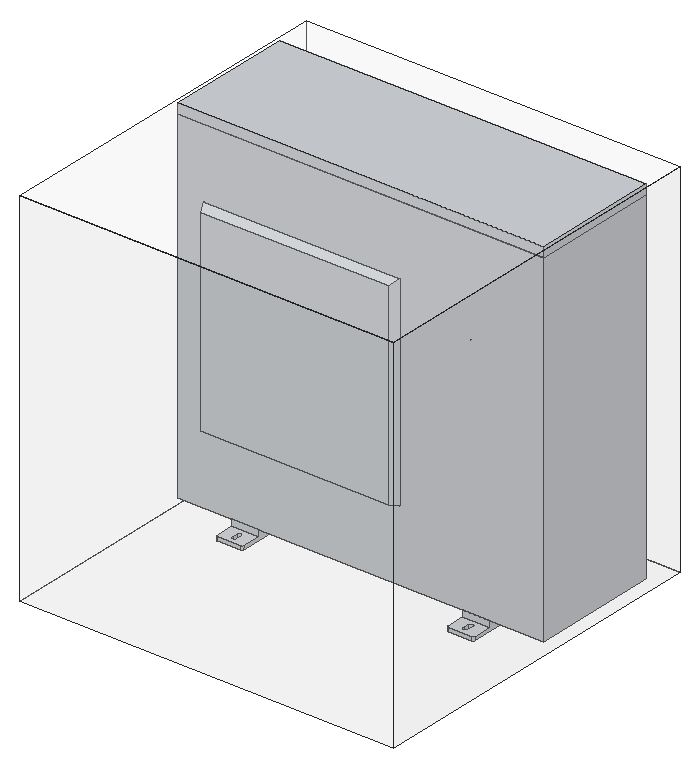
Revit family "puz-zrmp80hka15_280KA5_60hz", category 機械設備, Revit 2019
Family settings
  丸型コネクタ寸法 = 直径を使用
  パーツ タイプ = 標準
  OmniClass 番号 = 23.75.10.24.21.27.27
  OmniClass タイトル = Split System Air Conditioning Units
  作業面ベース = いいえ
  常に垂直 = はい
  ロード時にボイドで切り取り = いいえ
  共有 = いいえ
  部屋計算ポイント = いいえ
Parameters (values of type "室外機_PUZ-ZRMP80SHA15-BSG")
  音響パワーレベル_冷房 (dB) = 66
  音響パワーレベル_暖房 (dB) = 68
  音響パワーレベル(dB) = if([音響パワーレベル_冷房 (dB)] > [音響パワーレベル_暖房 (dB)], [音響パワーレベル_冷房 (dB)], [音響パワーレベル_暖房 (dB)])  # 68
  電源種別 = ""
  電源位置Y = 2 mm
  電源位置Z = 669 mm
  電源位置X = 275 mm
  電圧 = 200 V
  電動機出力_送風機 = 0.06 kW
  電動機出力_圧縮機 = 1.6 kW
  集中コントローラ [instance] = ""
  運転質量 = 0.00 kg
  運転方法 = "冷暖切替"
  質量 = if(製品質量 > 運転質量, 製品質量, 運転質量) * 1.2  # 84.00 kg
  負荷分類 = 1_熱源類
  説明 = "空冷H/P PAC インバータ室外機"
  設計暖房能力 [instance] = 0 kW
  設計冷房能力_顕熱 [instance] = 0 kW
  設計冷房能力 [instance] = 0 kW
  設置方法 = "床置形"
  記号 [instance] = ""
  製造元 = "三菱電機株式会社"
  製品質量 = 70.00 kg
  製品出荷対象 = "国内"
  製品リリース年月 = ""
  製品グループ = ""
  系統 [instance] = ""
  符号 = "PAC"
  積算_科目 = "1 空気調和設備"
  積算_拾い区分 [instance] = ""
  相 = 1
  盤記号 [instance] = ""
  発停方法 = "付属スイッチ"
  特殊仕様 [instance] = ""
  消費電力_暖房 = 2.34 kW
  消費電力_冷房 = 1.98 kW
  消費電力 = if(消費電力_冷房 > 消費電力_暖房, 消費電力_冷房, 消費電力_暖房)  # 2.34 kW
  法定耐用年数 = "6"
  構成品番 = "PUZ-ZRMP80SHA15-BSG"
  極数 = 1
  材質 [instance] = ""
  本体マテリアル = none
  最小電線太さ_mm2 = 3.5
  最大電流値 = 0 A
  暖房能力 = 8 kW
  推奨ブレーカー容量 = 30 A
  据付ピッチ1 = 0 mm
  形式 = "パッケージ形 室外機"
  形名 = PUZ-EZRMP-2 : PUZ-EZRMP-2-2
  幹線記号 [instance] = ""
  始動方式 = "インバータ始動方式"
  呼称 = "パッケージ形空気調和機_室外機"
  周波数 = 60 Hz
  価格 = 0
  ドレン　位置Z = 23 mm
  ドレン　位置Y = 111 mm
  ドレン　位置X = 30 mm
  アンカーボルト位置Y = 370 mm
  アンカーボルト位置X = 600 mm
  参照している仕様書等のバージョン = "公共建築物標準仕様書（機械設備工事編）平成31年度版"
  分類コード = "5.0053E+13"
  分類グループ = ""
  冷房能力 = 7.1 kW
  冷媒管（ガス）位置X = 434 mm
  冷媒管（液）位置X = 377 mm
  冷媒管（液）位置Y = 290 mm
  冷媒管（ガス）位置Y = 229 mm
  冷媒管長 [instance] = 0 mm
  冷媒管径符号 = "Bd"
  冷媒管径 = 100.00 mm
  冷媒管位置Z = 447 mm
  冷媒管位置Y = (冷媒管（液）位置Y + 冷媒管（ガス）位置Y) / 2  # 259.5 mm
  冷媒管位置X = (冷媒管（液）位置X + 冷媒管（ガス）位置X) / 2  # 405.5 mm
  冷媒液管径 = 9.52 mm
  冷媒ガス管径 = 15.88 mm
  企業コード = "108420"
  付属品 [instance] = ""
  仕様書バージョン = "Version1.0"
  ユニット数 = 1
  ユニット3 = yes
  ユニット2 = yes
  Model = ""
  ドレン管径 = 33.00 mm
  サービススペース = yes
  コメント [instance] = ""
  ケーブル種類1 = ""
  【値が 0 の項目は組合せ形名にてご確認ください】 = ""
  Width = 950 mm
  Version = ""
  Uniclass2015Version = "Systems v1.9"
  Uniclass2015Title = "Split coil remote air cooled condensing units"
  Uniclass2015Code = "Pr_70_65_03_84"
  URL = "https://www.mitsubishielectric.co.jp/ldg/wink/ssl/top.do"
  SpecificationReference = ""
  SpecificationDescription = ""
  Revision = ""
  ProductInformation = ""
  OmniClassCode = "23-33 17 13 11"
  IfcTypeProduct = ""
  IfcProduct = ""
  IfcExportType = "AIRCONDITIONINGUNIT"
  IfcExportAs = "IfcUnitaryEquipmentType"
  Height = 943 mm
  Depth = 330 mm
  Clearance Top = 0 mm
  Clearance Right = 10 mm
  Clearance Left = 10 mm
  Clearance Front = 500 mm
  Clearance Bottom = 0 mm
  Clearance Back = 100 mm
  COP_暖房 = 0
  COP_冷房 = 0
  COP = (COP_冷房 + COP_暖房) / 2  # 0
  Author = "三菱電機株式会社"
  APF = 0
Reference planes
  plane 1 "中心(正面/背面)": y = 74
  plane 2: z = 0
  plane 3 "中心(左/右)": x = 830
  plane 4 "右": x = 1305
  plane 5 "左": x = 355
  plane 6 "背面": y = 239
  plane 7 "正面": y = -91
  plane 8 "上部": z = 943
  plane 9 "Clearanse Top": z = 943
  plane 10 "SS_back": y = 339
  plane 11 "SS_front": y = -591
  plane 12 "SS_left": x = 345
  plane 13 "SS_right": x = 1315
  plane 14: z = 0
  plane 15: y = -89
  plane 16: x = 1105
  plane 17: z = 669
  plane 18: y = -87
  plane 19: y = -20.5
  plane 20: x = 1235.5
  plane 21: z = 447
  plane 22: z = 449
  plane 23: y = 128
  plane 24: x = 385
  plane 25: z = 25
  plane 26: z = 23
  plane 27: x = 530
  plane 28: x = 1130
  plane 29: y = 259
  plane 30: y = -111
Forms (mm)
  Extrusion 1, solid, detail levels fine
    sketch origin (0, -91, 0) x (1, 0, 0) y (0, 0, 1)
      loop
        circle (1105, 669) r 13.5
    from -4 to -2
  Extrusion 2, solid, detail levels fine
    sketch origin (-1437.329, -1524, 54) x (-1, 0, 0) y (0, -1, 0)
      loop
        circle (-2672.829, -1503.5) r 50
    from 393 to 395
  Extrusion 3, solid, detail levels fine
    sketch origin (-1437.329, -1524, 54) x (-1, 0, 0) y (0, -1, 0)
      loop
        circle (-1822.329, -1652) r 16.5
    from -31 to -29
Lines and regions (mm)
  model lines, not visible
    curve 1: line (460, 178.667, 1289.179) -> (460, 297.73, 1289.179)
    curve 2: line (460, 178.667, 1056.056) -> (460, 178.667, 1289.179)
    curve 3: line (460, 297.73, 1056.056) -> (460, 178.667, 1056.056)
    curve 4: line (460, 297.73, 1289.179) -> (460, 297.73, 1056.056)
    curve 5: line (460, 47.598, 1289.179) -> (460, 166.661, 1289.179)
    curve 6: line (460, 47.598, 1056.056) -> (460, 47.598, 1289.179)
    curve 7: line (460, 166.661, 1056.056) -> (460, 47.598, 1056.056)
    curve 8: line (460, 166.661, 1289.179) -> (460, 166.661, 1056.056)
    curve 9: line (460, -83.471, 1289.179) -> (460, 35.592, 1289.179)
    curve 10: line (460, -83.471, 1056.056) -> (460, -83.471, 1289.179)
    curve 11: line (460, 35.592, 1056.056) -> (460, -83.471, 1056.056)
    curve 12: line (460, 35.592, 1289.179) -> (460, 35.592, 1056.056)
    curve 13: line (460, -150.779, 1289.179) -> (460, -95.75, 1289.179)
    curve 14: line (460, -150.779, 1056.056) -> (460, -150.779, 1289.179)
    curve 15: line (460, -95.75, 1056.056) -> (460, -150.779, 1056.056)
    curve 16: line (460, -95.75, 1289.179) -> (460, -95.75, 1056.056)
    curve 17: line (460, -150.779, 1283.175) -> (460, -132.596, 1283.175)
    curve 18: line (460, -150.779, 1062.059) -> (460, -150.779, 1283.175)
    curve 19: line (460, -132.596, 1062.059) -> (460, -150.779, 1062.059)
    curve 20: line (460, -132.596, 1283.175) -> (460, -132.596, 1062.059)
    curve 21: line (460, 178.667, 1046.051) -> (460, 297.73, 1046.051)
    curve 22: line (460, 178.667, 812.928) -> (460, 178.667, 1046.051)
    curve 23: line (460, 297.73, 812.928) -> (460, 178.667, 812.928)
    curve 24: line (460, 297.73, 1046.051) -> (460, 297.73, 812.928)
    curve 25: line (460, 47.598, 1046.051) -> (460, 166.661, 1046.051)
    curve 26: line (460, 47.598, 812.928) -> (460, 47.598, 1046.051)
    curve 27: line (460, 166.661, 812.928) -> (460, 47.598, 812.928)
    curve 28: line (460, 166.661, 1046.051) -> (460, 166.661, 812.928)
    curve 29: line (460, -83.471, 1046.051) -> (460, 35.592, 1046.051)
    curve 30: line (460, -83.471, 812.928) -> (460, -83.471, 1046.051)
    curve 31: line (460, 35.592, 812.928) -> (460, -83.471, 812.928)
    curve 32: line (460, 35.592, 1046.051) -> (460, 35.592, 812.928)
    curve 33: line (460, -150.779, 1046.051) -> (460, -95.75, 1046.051)
    curve 34: line (460, -150.779, 812.928) -> (460, -150.779, 1046.051)
    curve 35: line (460, -95.75, 812.928) -> (460, -150.779, 812.928)
    curve 36: line (460, -95.75, 1046.051) -> (460, -95.75, 812.928)
    curve 37: line (460, -150.779, 1040.048) -> (460, -132.596, 1040.048)
    curve 38: line (460, -150.779, 818.931) -> (460, -150.779, 1040.048)
    curve 39: line (460, -132.596, 818.931) -> (460, -150.779, 818.931)
    curve 40: line (460, -132.596, 1040.048) -> (460, -132.596, 818.931)
    curve 41: line (460, 178.667, 802.923) -> (460, 297.73, 802.923)
    curve 42: line (460, 178.667, 569.8) -> (460, 178.667, 802.923)
    curve 43: line (460, 297.73, 569.8) -> (460, 178.667, 569.8)
    curve 44: line (460, 297.73, 802.923) -> (460, 297.73, 569.8)
    curve 45: line (460, 47.598, 802.923) -> (460, 166.661, 802.923)
    curve 46: line (460, 47.598, 569.8) -> (460, 47.598, 802.923)
    curve 47: line (460, 166.661, 569.8) -> (460, 47.598, 569.8)
    curve 48: line (460, 166.661, 802.923) -> (460, 166.661, 569.8)
    curve 49: line (460, -83.471, 802.923) -> (460, 35.592, 802.923)
    curve 50: line (460, -83.471, 569.8) -> (460, -83.471, 802.923)
    curve 51: line (460, 35.592, 569.8) -> (460, -83.471, 569.8)
    curve 52: line (460, 35.592, 802.923) -> (460, 35.592, 569.8)
    curve 53: line (460, -150.779, 802.923) -> (460, -95.75, 802.923)
    curve 54: line (460, -150.779, 569.8) -> (460, -150.779, 802.923)
    curve 55: line (460, -95.75, 569.8) -> (460, -150.779, 569.8)
    curve 56: line (460, -95.75, 802.923) -> (460, -95.75, 569.8)
    curve 57: line (460, -150.779, 796.92) -> (460, -132.596, 796.92)
    curve 58: line (460, -150.779, 575.803) -> (460, -150.779, 796.92)
    curve 59: line (460, -132.596, 575.803) -> (460, -150.779, 575.803)
    curve 60: line (460, -132.596, 796.92) -> (460, -132.596, 575.803)
    curve 61: line (460, 178.667, 559.795) -> (460, 297.73, 559.795)
    curve 62: line (460, 178.667, 326.672) -> (460, 178.667, 559.795)
    curve 63: line (460, 297.73, 326.672) -> (460, 178.667, 326.672)
    curve 64: line (460, 297.73, 559.795) -> (460, 297.73, 326.672)
    curve 65: line (460, 47.598, 559.795) -> (460, 166.661, 559.795)
    curve 66: line (460, 47.598, 326.672) -> (460, 47.598, 559.795)
    curve 67: line (460, 166.661, 326.672) -> (460, 47.598, 326.672)
    curve 68: line (460, 166.661, 559.795) -> (460, 166.661, 326.672)
    curve 69: line (460, -83.471, 559.795) -> (460, 35.592, 559.795)
    curve 70: line (460, -83.471, 326.672) -> (460, -83.471, 559.795)
    curve 71: line (460, 35.592, 326.672) -> (460, -83.471, 326.672)
    curve 72: line (460, 35.592, 559.795) -> (460, 35.592, 326.672)
    curve 73: line (460, -150.779, 559.795) -> (460, -95.75, 559.795)
    curve 74: line (460, -150.779, 326.672) -> (460, -150.779, 559.795)
    curve 75: line (460, -95.75, 326.672) -> (460, -150.779, 326.672)
    curve 76: line (460, -95.75, 559.795) -> (460, -95.75, 326.672)
    curve 77: line (460, -150.779, 553.792) -> (460, -132.596, 553.792)
    curve 78: line (460, -150.779, 332.675) -> (460, -150.779, 553.792)
    curve 79: line (460, -132.596, 332.675) -> (460, -150.779, 332.675)
    curve 80: line (460, -132.596, 553.792) -> (460, -132.596, 332.675)
    curve 81: line (460, 178.667, 316.667) -> (460, 297.73, 316.667)
    curve 82: line (460, 178.667, 83.544) -> (460, 178.667, 316.667)
    curve 83: line (460, 297.73, 83.544) -> (460, 178.667, 83.544)
    curve 84: line (460, 297.73, 316.667) -> (460, 297.73, 83.544)
    curve 85: line (460, 47.598, 316.667) -> (460, 166.661, 316.667)
    curve 86: line (460, 47.598, 83.544) -> (460, 47.598, 316.667)
    curve 87: line (460, 166.661, 83.544) -> (460, 47.598, 83.544)
    curve 88: line (460, 166.661, 316.667) -> (460, 166.661, 83.544)
    curve 89: line (460, -83.471, 316.667) -> (460, 35.592, 316.667)
    curve 90: line (460, -83.471, 83.544) -> (460, -83.471, 316.667)
    curve 91: line (460, 35.592, 83.544) -> (460, -83.471, 83.544)
    curve 92: line (460, 35.592, 316.667) -> (460, 35.592, 83.544)
    curve 93: line (460, -150.779, 316.667) -> (460, -95.75, 316.667)
    curve 94: line (460, -150.779, 83.544) -> (460, -150.779, 316.667)
    curve 95: line (460, -95.75, 83.544) -> (460, -150.779, 83.544)
    curve 96: line (460, -95.75, 316.667) -> (460, -95.75, 83.544)
    curve 97: line (460, -150.779, 310.664) -> (460, -132.596, 310.664)
    curve 98: line (460, -150.779, 89.547) -> (460, -150.779, 310.664)
    curve 99: line (460, -132.596, 89.547) -> (460, -150.779, 89.547)
    curve 100: line (460, -132.596, 310.664) -> (460, -132.596, 89.547)
Dimensions and locks
  equal spacing: plane 7 "正面", plane 1 "中心(正面/背面)", plane 6 "背面"
  "Depth": plane 7 "正面" to plane 6 "背面"
  "Width": plane 5 "左" to plane 4 "右"
  equal spacing: plane 5 "左", plane 3 "中心(左/右)", plane 4 "右"
  "Clearance Left": plane 12 "SS_left" to plane 5 "左"
  "Clearance Right": plane 4 "右" to plane 13 "SS_right"
  "Clearance Back": plane 6 "背面" to plane 10 "SS_back"
  "Clearance Front": plane 11 "SS_front" to plane 7 "正面"
  "Height": plane 8 "上部" to level
  "Clearance Top": plane 9 "Clearanse Top" to plane 8 "上部"
  "Clearance Bottom": level to plane 14
  "電源位置X": plane 3 "中心(左/右)" to plane 16
  "電源位置Y": plane 7 "正面" to plane 15
  "電源位置Z": plane 17 to level
  locked: plane 15 to plane 18 at 2
  "冷媒管位置X": plane 3 "中心(左/右)" to plane 20
  "冷媒管位置Y": plane 19 to plane 6 "背面"
  "冷媒管位置Z": plane 21 to level
  locked: plane 22 to plane 21 at 2
  "ドレン　位置X": plane 5 "左" to plane 24
  "ドレン　位置Y": plane 23 to plane 6 "背面"
  locked: plane 25 to plane 26 at 2
  "ドレン　位置Z": plane 26 to level
  equal spacing: plane 30, plane 1 "中心(正面/背面)", plane 29
  "アンカーボルト位置Y": plane 30 to plane 29
  equal spacing: plane 27, plane 3 "中心(左/右)", plane 28
  "アンカーボルト位置X": plane 27 to plane 28
  radius of Extrusion 1 sketch curve = 13.5 mm
  "冷媒管径": diameter of Extrusion 2 sketch curve
  "ドレン管径": diameter of Extrusion 3 sketch curve
  aligned and locked: level to plane 2
  aligned and locked: plane 10 "SS_back" to nested 1  (x2)
  aligned and locked: plane 13 "SS_right" to nested 1
  aligned and locked: plane 12 "SS_left" to nested 1  (x2)
  aligned and locked: nested 1 to plane 13 "SS_right"
  aligned and locked: plane 11 "SS_front" to nested 1
  aligned and locked: plane 9 "Clearanse Top" to nested 1
  aligned and locked: plane 1 "中心(正面/背面)" to nested 2
  aligned and locked: plane 3 "中心(左/右)" to nested 2
  aligned and locked: plane 14 to nested 1
  aligned and locked: plane 17 to Extrusion 1 sketch curve
  aligned and locked: plane 16 to Extrusion 1 sketch curve
  aligned and locked: Extrusion 1 to plane 18
  aligned and locked: plane 15 to Extrusion 1
  aligned and locked: plane 19 to Extrusion 2 sketch curve
  aligned and locked: plane 20 to Extrusion 2 sketch curve
  aligned and locked: plane 22 to Extrusion 2
  aligned and locked: Extrusion 2 to plane 21
  aligned and locked: plane 24 to Extrusion 3 sketch curve
  aligned and locked: plane 23 to Extrusion 3 sketch curve
  aligned and locked: plane 25 to Extrusion 3
  aligned and locked: Extrusion 3 to plane 26
  aligned and locked: plane 27 to nested 3
  aligned and locked: plane 29 to nested 3
Nested families
  nested 1: "サービススペース" at (830, -126, 471.5), visible <- "サービススペース", type "サービススペース"
    with Width 970 mm, Height 943 mm, Depth 930 mm
  nested 2: "PUZ-EZRMP-2" at (830, 74, 0), type <- "形名", type "PUZ-EZRMP-2-2", detail levels fine
    with 冷媒ガス管径-Y 269 mm
  nested 3: "固定点" at (530, -111, 0), type "固定点"
    with W 600 mm, D 370 mm
Connectors
  piping at (1235.5, -20.5, 447), diameter 100, driven by "冷媒管径", driven by "冷媒管径符号"
    settings: on Extrusion 2, index 1, connector inside diameter 609.60 mm, connector length 0 mm, flow factor 0, pipe flow 0.0 L/s, pressure drop 0.0 Pa, fitting loss kfactor 0, connector angle 0.00°, fixture units 0, engagement length 0 mm, angle of deflection 0.00°, flow configuration 1, flow direction 2, fitting loss method 4, system type 7, joint type 0, gender type 0, connector reference index -1, connector utility 0, adjustable connector no, is connector primary yes, connector description "Bd"
  electrical at (1105, -89, 669), driven by "極数", driven by "負荷分類", driven by "電圧", driven by "消費電力"
    settings: on Extrusion 1, index 2, voltage 200 V, apparent load 2340 VA, apparent load phase1 0 VA, apparent load phase2 0 VA, apparent load phase3 0 VA, power factor 1, load classification "1_熱源類", number of poles 1, system type 30, power factor state 1, is connector primary yes, connector utility no, sub classification motor no, connector description ""
Definition of nested family "サービススペース"
  Parameters (values of type "サービススペース")
    Width [instance] = 500 mm
    Height [instance] = 500 mm
    Depth [instance] = 500 mm
  Reference planes
    plane 1 "中心(正面/背面)": y = 0
    plane 2: z = 0
    plane 3 "中心(左/右)": x = 0
    plane 4: y = -250
    plane 5: x = 250
    plane 6: y = 250
    plane 7: x = -250
    plane 8: z = 250
    plane 9: z = -250
  Forms (mm)
    Extrusion 1, solid
      sketch origin (-638.939, 0, 72.39) x (1, 0, 0) y (0, 1, 0)
        loop
          line (388.939, 250) -> (388.939, -250) -> (888.939, -250) -> (888.939, 250) -> (388.939, 250)
      from -322.39 to 177.61
  Lines and regions (mm)
    symbolic lines
      curve 1: line (-250, 0, 250) -> (250, 0, 250)
      curve 2: line (-250, 0, -250) -> (-250, 0, 250)
      curve 3: line (250, 0, -250) -> (-250, 0, -250)
      curve 4: line (250, 0, 250) -> (250, 0, -250)
      curve 5: line (0, -250, 250) -> (0, 250, 250)
      curve 6: line (0, -250, -250) -> (0, -250, 250)
      curve 7: line (0, 250, -250) -> (0, -250, -250)
      curve 8: line (0, 250, 250) -> (0, 250, -250)
      curve 9: line (-250, 250, 0) -> (250, 250, 0)
      curve 10: line (-250, -250, 0) -> (-250, 250, 0)
      curve 11: line (250, -250, 0) -> (-250, -250, 0)
      curve 12: line (250, 250, 0) -> (250, -250, 0)
  Dimensions and locks
    equal spacing: plane 7, plane 3 "中心(左/右)", plane 5
    equal spacing: plane 4, plane 1 "中心(正面/背面)", plane 6
    "Depth": plane 4 to plane 6
    "Width": plane 7 to plane 5
    equal spacing: plane 8, plane 2, plane 9
    "Height": plane 8 to plane 9
    aligned and locked: plane 9 to curve 3
    aligned and locked: plane 7 to curve 2
    aligned and locked: curve 4 to plane 5
    aligned and locked: plane 5 to Extrusion 1
    aligned and locked: Extrusion 1 to plane 7
    aligned and locked: Extrusion 1 to plane 9
    aligned and locked: plane 8 to Extrusion 1
    aligned and locked: plane 9 to curve 7
  Automatic sketch dimensions
    plane 4 to Extrusion 1 sketch curve = 0 mm
    Extrusion 1 sketch curve to plane 7 = 0 mm
    Extrusion 1 sketch curve to plane 5 = 0 mm
    plane 6 to Extrusion 1 sketch curve = 0 mm
    curve 2 to plane 8 = 0 mm
    plane 4 to curve 11 = 0 mm
    curve 11 to plane 7 = 0 mm
    curve 11 to plane 5 = 0 mm
    plane 6 to curve 10 = 0 mm
    curve 7 to plane 4 = 0 mm
    curve 7 to plane 6 = 0 mm
    curve 6 to plane 8 = 0 mm
Definition of nested family "PUZ-EZRMP-2"
  Parameters (values of type "PUZ-ZRMP-2")
    配線取出口サイズ = 27 mm
    配線取出口-Z = 669 mm
    配線取出口-Y = 325 mm
    配線取出口-X = 275 mm
    液配管サイズ = 100 mm
    高さ = 943 mm
    換気-W = 322 mm
    換気-H2 = 632 mm
    換気-H1 = 473 mm
    換気-D = 25 mm
    奥行き = 330 mm
    吊りボルト_H = 0 mm
    吊りボルト-φ = 12 mm
    冷媒配管サイズ = 9.52 mm
    冷媒液管径-Z = 447 mm
    冷媒液管径-Y = 290 mm
    冷媒液管径-X = 377 mm
    冷媒ガス管径-Z = 431 mm
    冷媒ガス管径-Y = 229 mm
    冷媒ガス管径-X = 434 mm
    吊りボルト-W = 600 mm
    マテリアル = none
    ドレン配管サイズ = 33 mm
    ドレン管径-Z = 0 mm
    ドレン管径-Y = 219 mm
    ドレン管径-X = 445 mm
    タイプ3 = no
    タイプ2 = yes
    タイプ1 = no
    ガス配管サイズ = 15.88 mm
    吊りボルト-D = 370 mm
    幅さ = 950 mm
    a = 幅さ / 2  # 475 mm
  Reference planes
    plane 1 "中心(正面/背面)": y = 0
    plane 2: z = 0
    plane 3 "中心(左/右)": x = 0
    plane 4: z = 943
    plane 5: x = -475
    plane 6: x = 475
    plane 7: y = 165
    plane 8: y = -165
    plane 9: x = 537
    plane 10: y = -105
    plane 11: y = 5
    plane 12: z = 918
    plane 13: x = -495
    plane 14: x = -300
    plane 15: x = 300
    plane 16: y = 185
    plane 17: y = -185
    plane 18: x = 335
    plane 19: x = 265
    plane 20: x = -265
    plane 21: x = -335
    plane 22: y = 204
    plane 23: y = -218
    plane 24: z = 8.5
    plane 25: z = 25
    plane 26: z = 23
    plane 27: x = -185
    plane 28: x = 170
    plane 29: z = 938
    plane 30: y = -40
    plane 31: y = 40
    plane 32: y = -30
    plane 33: y = 30
    plane 34: z = 923
    plane 35: z = 55
    plane 36: z = 225
    plane 37: z = 570
    plane 38: x = 485
    plane 39: x = 506
    plane 40: y = -190
    plane 41: x = -153
    plane 42: z = 473
    plane 43: x = 101
    plane 44: x = -407
    plane 45: z = 737
    plane 46: z = 209
    plane 47: x = -397
    plane 48: x = 91
    plane 49: z = 727
    plane 50: z = 219
    plane 51: y = 115
    plane 52: y = -115
    plane 53: y = 54
    plane 54: x = 434
    plane 55: x = 275
    plane 56: y = -160
    plane 57: y = -125
    plane 58: y = -64
    plane 59: x = 377
    plane 60: z = 431
    plane 61: z = 447
    plane 62: z = 669
    plane 63: y = -110
    plane 64: z = 531
    plane 65: z = 547
    plane 66: x = 405.5
    plane 67: y = -94.5
    plane 68 "グループ": x = -475
    plane 69: z = 1338
    plane 70: z = 943
    plane 71: z = 1105
    plane 72: z = 1369
    plane 73: z = 841
    plane 74: z = 1359
    plane 75: z = 851
    plane 76: x = -445
    plane 77: y = 135
    plane 78: x = -225
    plane 79: x = -80
    plane 80: x = 65
    plane 81: x = 210
  Forms (mm)
    Extrusion 1, solid, visible <- "タイプ2", detail levels fine
      sketch origin (-1437.329, -1524, 943) x (-1, 0, 0) y (0, -1, 0)
        loop
          line (-1102.329, -1689) -> (-1102.329, -1359) -> (-1172.329, -1359) -> (-1172.329, -1689) -> (-1102.329, -1689)
        loop
          line (-1702.329, -1689) -> (-1702.329, -1359) -> (-1772.329, -1359) -> (-1772.329, -1689) -> (-1702.329, -1689)
      from -943 to -918
    Extrusion 2, solid, material <- "マテリアル", visible <- "タイプ2", detail levels fine
      sketch origin (-1437.329, -1524, 943) x (-1, 0, 0) y (0, -1, 0)
        loop
          line (-1912.329, -1689) -> (-962.329, -1689) -> (-962.329, -1359) -> (-1912.329, -1359) -> (-1912.329, -1689)
      from -918 to -25
    Extrusion 3, solid, material <- "マテリアル", visible <- "タイプ2", detail levels fine
      sketch origin (-1437.329, -1524, 943) x (-1, 0, 0) y (0, -1, 0)
        loop
          line (-962.329, -1689) -> (-962.329, -1359) -> (-1912.329, -1359) -> (-1912.329, -1689) -> (-962.329, -1689)
      from -25 to 0
    Blend 4, solid, material <- "マテリアル", visible <- "タイプ2", detail levels fine
      base sketch origin (0, 0, 0) x (1, 0, 0) y (0, 0, 1)
        loop
          line (-407, 737) -> (-407, 209) -> (101, 209) -> (101, 737) -> (-407, 737)
      top sketch origin (0, 0, 0) x (1, 0, 0) y (0, 0, 1)
        loop
          line (-397, 727) -> (-397, 219) -> (91, 219) -> (91, 727) -> (-397, 727)
      from 165 to 190
    Extrusion 5, solid, material <- "マテリアル", visible <- "タイプ2", detail levels fine
      sketch origin (-1437.329, -1524, 943) x (-1, 0, 0) y (0, -1, 0)
        loop
          circle (-1871.329, -1460) r 7.94
      from -512 to -412
    Extrusion 6, solid, material <- "マテリアル", visible <- "タイプ2", detail levels fine
      sketch origin (-1437.329, -1524, 943) x (-1, 0, 0) y (0, -1, 0)
        loop
          circle (-1814.329, -1399) r 4.76
      from -496 to -396
    Extrusion 7, solid, material <- "マテリアル", visible <- "タイプ2", detail levels fine
      sketch origin (1480.036, -190, 1200) x (1, 0, 0) y (0, 0, 1)
        loop
          circle (-1205.036, -531) r 13.5
      from -80 to -30
    Extrusion 8, solid, material <- "マテリアル", visible <- "タイプ2", detail levels fine
      sketch origin (-1437.329, -1524, 943) x (-1, 0, 0) y (0, -1, 0)
        loop
          circle (-1842.829, -1429.5) r 50
      from -496 to -396
    Extrusion 9, solid, visible <- "タイプ2", detail levels fine
      sketch origin (-1437.329, -1524, 943) x (-1, 0, 0) y (0, -1, 0)
        loop
          line (-1102.329, -1728) -> (-1102.329, -1689) -> (-1172.329, -1689) -> (-1172.329, -1728) -> (-1143.329, -1728) -> (-1143.329, -1709)
          arc (-1143.329, -1709) -> (-1137.329, -1703) -> (-1131.329, -1709) r 6
          line (-1131.329, -1709) -> (-1131.329, -1728) -> (-1102.329, -1728)
        loop
          line (-1102.329, -1359) -> (-1102.329, -1311)
          arc (-1102.329, -1311) -> (-1103.794, -1307.464) -> (-1107.329, -1306) r 5
          line (-1107.329, -1306) -> (-1167.329, -1306)
          arc (-1167.329, -1306) -> (-1170.865, -1307.464) -> (-1172.329, -1311) r 5
          line (-1172.329, -1311) -> (-1172.329, -1359) -> (-1102.329, -1359)
        loop
          arc (-1143.329, -1339) -> (-1137.329, -1345) -> (-1131.329, -1339) r 6
          line (-1131.329, -1339) -> (-1131.329, -1324)
          arc (-1131.329, -1324) -> (-1137.329, -1318) -> (-1143.329, -1324) r 6
          line (-1143.329, -1324) -> (-1143.329, -1339)
        loop
          line (-1772.329, -1728) -> (-1743.329, -1728) -> (-1743.329, -1709)
          arc (-1743.329, -1709) -> (-1737.329, -1703) -> (-1731.329, -1709) r 6
          line (-1731.329, -1709) -> (-1731.329, -1728) -> (-1702.329, -1728) -> (-1702.329, -1689) -> (-1772.329, -1689) -> (-1772.329, -1728)
        loop
          line (-1772.329, -1359) -> (-1702.329, -1359) -> (-1702.329, -1311)
          arc (-1702.329, -1311) -> (-1703.794, -1307.464) -> (-1707.329, -1306) r 5
          line (-1707.329, -1306) -> (-1767.329, -1306)
          arc (-1767.329, -1306) -> (-1770.865, -1307.464) -> (-1772.329, -1311) r 5
          line (-1772.329, -1311) -> (-1772.329, -1359)
        loop
          line (-1731.329, -1339) -> (-1731.329, -1324)
          arc (-1731.329, -1324) -> (-1737.329, -1318) -> (-1743.329, -1324) r 6
          line (-1743.329, -1324) -> (-1743.329, -1339)
          arc (-1743.329, -1339) -> (-1737.329, -1345) -> (-1731.329, -1339) r 6
      from -943 to -934.5
    Extrusion 10, solid, material <- "マテリアル", visible <- "タイプ2", detail levels fine
      sketch origin (-1437.329, -1524, 943) x (-1, 0, 0) y (0, -1, 0)
        loop
          circle (-992.329, -1578) r 16.5
        loop
          circle (-1212.329, -1659) r 16.5
        loop
          circle (-1357.329, -1659) r 16.5
        loop
          circle (-1502.329, -1659) r 16.5
        loop
          circle (-1647.329, -1659) r 16.5
      from -920 to -918
  Cuts and joins
    joined: Extrusion 1, Extrusion 9
  Lines and regions (mm)
    Masking region 1, visible <- "タイプ2", detail levels coarse+medium
      outline origin (-1437.329, -1524, 943) x (-1, 0, 0) y (0, -1, 0)
        loop
          line (-1912.329, -1689) -> (-1772.329, -1689) -> (-1772.329, -1728) -> (-1702.329, -1728) -> (-1702.329, -1689) -> (-1172.329, -1689) -> (-1172.329, -1728) -> (-1102.329, -1728) -> (-1102.329, -1689) -> (-962.329, -1689) -> (-962.329, -1359) -> (-1030.329, -1359) -> (-1040.329, -1334) -> (-1102.329, -1334) -> (-1102.329, -1306) -> (-1172.329, -1306) -> (-1172.329, -1334) -> (-1528.329, -1334) -> (-1538.329, -1359) -> (-1702.329, -1359) -> (-1702.329, -1306) -> (-1772.329, -1306) -> (-1772.329, -1359) -> (-1912.329, -1359) -> (-1912.329, -1689)
    model lines, visible <- "タイプ2", detail levels fine
      curve 1: line (395, 115, 943) -> (-395, 115, 943)
      curve 2: line (-395, -115, 943) -> (395, -115, 943)
      curve 3: line (-395, -45, 943) -> (395, -45, 943)
      curve 4: line (395, 45, 943) -> (-395, 45, 943)
      curve 5: line (-395, -35, 943) -> (395, -35, 943)
      curve 6: line (395, 35, 943) -> (-395, 35, 943)
      curve 7: line (-395, 115, 943) -> (-395, 45, 943)
      curve 8: line (395, -115, 943) -> (395, -45, 943)
      curve 9: line (-395, 35, 943) -> (-395, -35, 943)
      curve 10: line (-395, -45, 943) -> (-395, -115, 943)
      curve 11: line (395, -35, 943) -> (395, 35, 943)
      curve 12: line (395, 45, 943) -> (395, 115, 943)
      curve 13: line (425, -115, 943) -> (425, 115, 943)
      curve 14: line (410, -115, 943) -> (410, 115, 943)
      curve 15: line (-425, 115, 943) -> (-425, -115, 943)
      curve 16: line (-410, 115, 943) -> (-410, -115, 943)
      curve 17: line (-410, 115, 943) -> (-425, 115, 943)
      curve 18: line (-410, -115, 943) -> (-425, -115, 943)
      curve 19: line (410, 115, 943) -> (425, 115, 943)
      curve 20: line (410, -115, 943) -> (425, -115, 943)
      curve 21: line (-397, -190, 520.5) -> (91, -190, 520.5)
      curve 22: line (91, -190, 425.5) -> (-397, -190, 425.5)
      curve 23: line (-397, -190, 615.5) -> (91, -190, 615.5)
      curve 24: line (-397, -190, 710.5) -> (91, -190, 710.5)
      curve 25: line (91, -190, 330.5) -> (-397, -190, 330.5)
      curve 26: line (91, -190, 235.5) -> (-397, -190, 235.5)
      curve 27: line (-379.571, -190, 727) -> (-379.571, -190, 219)
      curve 28: line (73.571, -190, 219) -> (73.571, -190, 727)
      curve 29: line (-362.143, -190, 727) -> (-362.143, -190, 219)
      curve 30: line (-344.714, -190, 727) -> (-344.714, -190, 219)
      curve 31: line (-327.286, -190, 727) -> (-327.286, -190, 219)
      curve 32: line (-309.857, -190, 727) -> (-309.857, -190, 219)
      curve 33: line (-292.429, -190, 727) -> (-292.429, -190, 219)
      curve 34: line (-275, -190, 727) -> (-275, -190, 219)
      curve 35: line (-257.571, -190, 727) -> (-257.571, -190, 219)
      curve 36: line (-240.143, -190, 727) -> (-240.143, -190, 219)
      curve 37: line (-222.714, -190, 727) -> (-222.714, -190, 219)
      curve 38: line (-205.286, -190, 727) -> (-205.286, -190, 219)
      curve 39: line (-187.857, -190, 727) -> (-187.857, -190, 219)
      curve 40: line (-170.429, -190, 727) -> (-170.429, -190, 219)
      curve 41: line (-153, -190, 727) -> (-153, -190, 219)
      curve 42: line (-135.571, -190, 727) -> (-135.571, -190, 219)
      curve 43: line (-118.143, -190, 727) -> (-118.143, -190, 219)
      curve 44: line (-100.714, -190, 727) -> (-100.714, -190, 219)
      curve 45: line (-83.286, -190, 727) -> (-83.286, -190, 219)
      curve 46: line (-65.857, -190, 727) -> (-65.857, -190, 219)
      curve 47: line (-48.429, -190, 727) -> (-48.429, -190, 219)
      curve 48: line (-31, -190, 727) -> (-31, -190, 219)
      curve 49: line (-13.571, -190, 727) -> (-13.571, -190, 219)
      curve 50: line (3.857, -190, 727) -> (3.857, -190, 219)
      curve 51: line (21.286, -190, 727) -> (21.286, -190, 219)
      curve 52: line (38.714, -190, 727) -> (38.714, -190, 219)
      curve 53: line (56.143, -190, 727) -> (56.143, -190, 219)
      curve 54: line (-475, -100, 33.5) -> (-475, -60, 33.5)
      curve 55: line (-475, -100, 73.5) -> (-475, -100, 33.5)
      curve 56: line (-475, -60, 73.5) -> (-475, -100, 73.5)
      curve 57: line (-475, -60, 33.5) -> (-475, -60, 73.5)
      curve 58: line (-475, 60, 33.5) -> (-475, 100, 33.5)
      curve 59: line (-475, 60, 73.5) -> (-475, 60, 33.5)
      curve 60: line (-475, 100, 73.5) -> (-475, 60, 73.5)
      curve 61: line (-475, 100, 33.5) -> (-475, 100, 73.5)
      curve 62: line (-475, -46.667, 33.5) -> (-475, -6.667, 33.5)
      curve 63: line (-475, -46.667, 73.5) -> (-475, -46.667, 33.5)
      curve 64: line (-475, -6.667, 73.5) -> (-475, -46.667, 73.5)
      curve 65: line (-475, -6.667, 33.5) -> (-475, -6.667, 73.5)
      curve 66: line (-475, 6.667, 33.5) -> (-475, 46.667, 33.5)
      curve 67: line (-475, 6.667, 73.5) -> (-475, 6.667, 33.5)
      curve 68: line (-475, 46.667, 73.5) -> (-475, 6.667, 73.5)
      curve 69: line (-475, 46.667, 33.5) -> (-475, 46.667, 73.5)
      curve 70: line (-475, -100, 87) -> (-475, -60, 87)
      curve 71: line (-475, -100, 277) -> (-475, -100, 87)
      curve 72: line (-475, -60, 277) -> (-475, -100, 277)
      curve 73: line (-475, -60, 87) -> (-475, -60, 277)
      curve 74: line (-475, -100, 292) -> (-475, -60, 292)
      curve 75: line (-475, -100, 482) -> (-475, -100, 292)
      curve 76: line (-475, -60, 482) -> (-475, -100, 482)
      curve 77: line (-475, -60, 292) -> (-475, -60, 482)
      curve 78: line (-475, -100, 497) -> (-475, -60, 497)
      curve 79: line (-475, -100, 687) -> (-475, -100, 497)
      curve 80: line (-475, -60, 687) -> (-475, -100, 687)
      curve 81: line (-475, -60, 497) -> (-475, -60, 687)
      curve 82: line (-475, -100, 702) -> (-475, -60, 702)
      curve 83: line (-475, -100, 892) -> (-475, -100, 702)
      curve 84: line (-475, -60, 892) -> (-475, -100, 892)
      curve 85: line (-475, -60, 702) -> (-475, -60, 892)
      curve 86: line (-475, 60, 87) -> (-475, 100, 87)
      curve 87: line (-475, 60, 277) -> (-475, 60, 87)
      curve 88: line (-475, 100, 277) -> (-475, 60, 277)
      curve 89: line (-475, 100, 87) -> (-475, 100, 277)
      curve 90: line (-475, -46.667, 87) -> (-475, -6.667, 87)
      curve 91: line (-475, -46.667, 277) -> (-475, -46.667, 87)
      curve 92: line (-475, -6.667, 277) -> (-475, -46.667, 277)
      curve 93: line (-475, -6.667, 87) -> (-475, -6.667, 277)
      curve 94: line (-475, 6.667, 87) -> (-475, 46.667, 87)
      curve 95: line (-475, 6.667, 277) -> (-475, 6.667, 87)
      curve 96: line (-475, 46.667, 277) -> (-475, 6.667, 277)
      curve 97: line (-475, 46.667, 87) -> (-475, 46.667, 277)
      curve 98: line (-475, 60, 292) -> (-475, 100, 292)
      curve 99: line (-475, 60, 482) -> (-475, 60, 292)
      curve 100: line (-475, 100, 482) -> (-475, 60, 482)
      curve 101: line (-475, 100, 292) -> (-475, 100, 482)
      curve 102: line (-475, 60, 702) -> (-475, 100, 702)
      curve 103: line (-475, 60, 892) -> (-475, 60, 702)
      curve 104: line (-475, 100, 892) -> (-475, 60, 892)
      curve 105: line (-475, 100, 702) -> (-475, 100, 892)
      curve 106: line (-475, -46.667, 292) -> (-475, -6.667, 292)
      curve 107: line (-475, -46.667, 482) -> (-475, -46.667, 292)
      curve 108: line (-475, -6.667, 482) -> (-475, -46.667, 482)
      curve 109: line (-475, -6.667, 292) -> (-475, -6.667, 482)
      curve 110: line (-475, -46.667, 497) -> (-475, -6.667, 497)
      curve 111: line (-475, -46.667, 687) -> (-475, -46.667, 497)
      curve 112: line (-475, -6.667, 687) -> (-475, -46.667, 687)
      curve 113: line (-475, -6.667, 497) -> (-475, -6.667, 687)
      curve 114: line (-475, -46.667, 702) -> (-475, -6.667, 702)
      curve 115: line (-475, -46.667, 892) -> (-475, -46.667, 702)
      curve 116: line (-475, -6.667, 892) -> (-475, -46.667, 892)
      curve 117: line (-475, -6.667, 702) -> (-475, -6.667, 892)
      curve 118: line (-475, 6.667, 292) -> (-475, 46.667, 292)
      curve 119: line (-475, 6.667, 482) -> (-475, 6.667, 292)
      curve 120: line (-475, 46.667, 482) -> (-475, 6.667, 482)
      curve 121: line (-475, 46.667, 292) -> (-475, 46.667, 482)
      curve 122: line (-475, 6.667, 497) -> (-475, 46.667, 497)
      curve 123: line (-475, 6.667, 687) -> (-475, 6.667, 497)
      curve 124: line (-475, 46.667, 687) -> (-475, 6.667, 687)
      curve 125: line (-475, 46.667, 497) -> (-475, 46.667, 687)
      curve 126: line (-475, 6.667, 702) -> (-475, 46.667, 702)
      curve 127: line (-475, 6.667, 892) -> (-475, 6.667, 702)
      curve 128: line (-475, 46.667, 892) -> (-475, 6.667, 892)
      curve 129: line (-475, 46.667, 702) -> (-475, 46.667, 892)
    model lines, visible <- "タイプ3", not visible
      curve 130: line (-404.5, -100, 907) -> (-404.5, -60, 907)
      curve 131: line (-404.5, -100, 1097) -> (-404.5, -100, 907)
      curve 132: line (-404.5, -60, 1097) -> (-404.5, -100, 1097)
      curve 133: line (-404.5, -60, 907) -> (-404.5, -60, 1097)
      curve 134: line (-404.5, 60, 907) -> (-404.5, 100, 907)
      curve 135: line (-404.5, 60, 1097) -> (-404.5, 60, 907)
      curve 136: line (-404.5, 100, 1097) -> (-404.5, 60, 1097)
      curve 137: line (-404.5, 100, 907) -> (-404.5, 100, 1097)
      curve 138: line (-404.5, -46.667, 907) -> (-404.5, -6.667, 907)
      curve 139: line (-404.5, -46.667, 1097) -> (-404.5, -46.667, 907)
      curve 140: line (-404.5, -6.667, 1097) -> (-404.5, -46.667, 1097)
      curve 141: line (-404.5, -6.667, 907) -> (-404.5, -6.667, 1097)
      curve 142: line (-404.5, 6.667, 907) -> (-404.5, 46.667, 907)
      curve 143: line (-404.5, 6.667, 1097) -> (-404.5, 6.667, 907)
      curve 144: line (-404.5, 46.667, 1097) -> (-404.5, 6.667, 1097)
      curve 145: line (-404.5, 46.667, 907) -> (-404.5, 46.667, 1097)
      curve 146: line (-404.5, -100, 1112) -> (-404.5, -60, 1112)
      curve 147: line (-404.5, -100, 1302) -> (-404.5, -100, 1112)
      curve 148: line (-404.5, -60, 1302) -> (-404.5, -100, 1302)
      curve 149: line (-404.5, -60, 1112) -> (-404.5, -60, 1302)
      curve 150: line (-404.5, 60, 1112) -> (-404.5, 100, 1112)
      curve 151: line (-404.5, 60, 1302) -> (-404.5, 60, 1112)
      curve 152: line (-404.5, 100, 1302) -> (-404.5, 60, 1302)
      curve 153: line (-404.5, 100, 1112) -> (-404.5, 100, 1302)
      curve 154: line (-404.5, -46.667, 1112) -> (-404.5, -6.667, 1112)
      curve 155: line (-404.5, -46.667, 1302) -> (-404.5, -46.667, 1112)
      curve 156: line (-404.5, -6.667, 1302) -> (-404.5, -46.667, 1302)
      curve 157: line (-404.5, -6.667, 1112) -> (-404.5, -6.667, 1302)
      curve 158: line (-404.5, 6.667, 1112) -> (-404.5, 46.667, 1112)
      curve 159: line (-404.5, 6.667, 1302) -> (-404.5, 6.667, 1112)
      curve 160: line (-404.5, 46.667, 1302) -> (-404.5, 6.667, 1302)
      curve 161: line (-404.5, 46.667, 1112) -> (-404.5, 46.667, 1302)
    model lines, visible <- "タイプ2", not visible
      curve 162: line (-600, -100, 33.5) -> (-600, -60, 33.5)
      curve 163: line (-600, -100, 73.5) -> (-600, -100, 33.5)
      curve 164: line (-600, -60, 73.5) -> (-600, -100, 73.5)
      curve 165: line (-600, -60, 33.5) -> (-600, -60, 73.5)
      curve 166: line (-600, 60, 33.5) -> (-600, 100, 33.5)
      curve 167: line (-600, 60, 73.5) -> (-600, 60, 33.5)
      curve 168: line (-600, 100, 73.5) -> (-600, 60, 73.5)
      curve 169: line (-600, 100, 33.5) -> (-600, 100, 73.5)
      curve 170: line (-509, -46.667, 33.5) -> (-509, -6.667, 33.5)
      curve 171: line (-509, -46.667, 73.5) -> (-509, -46.667, 33.5)
      curve 172: line (-509, -6.667, 73.5) -> (-509, -46.667, 73.5)
      curve 173: line (-509, -6.667, 33.5) -> (-509, -6.667, 73.5)
      curve 174: line (-509, 6.667, 33.5) -> (-509, 46.667, 33.5)
      curve 175: line (-509, 6.667, 73.5) -> (-509, 6.667, 33.5)
      curve 176: line (-509, 46.667, 73.5) -> (-509, 6.667, 73.5)
      curve 177: line (-509, 46.667, 33.5) -> (-509, 46.667, 73.5)
    model lines, visible <- "タイプ2", not visible, detail levels fine
      curve 178: line (-475, -100, 87) -> (-475, -60, 87)
      curve 179: line (-475, -100, 277) -> (-475, -100, 87)
      curve 180: line (-475, -60, 277) -> (-475, -100, 277)
      curve 181: line (-475, -60, 87) -> (-475, -60, 277)
      curve 182: line (-475, -100, 292) -> (-475, -60, 292)
      curve 183: line (-475, -100, 482) -> (-475, -100, 292)
      curve 184: line (-475, -60, 482) -> (-475, -100, 482)
      curve 185: line (-475, -60, 292) -> (-475, -60, 482)
      curve 186: line (-475, -100, 497) -> (-475, -60, 497)
      curve 187: line (-475, -100, 687) -> (-475, -100, 497)
      curve 188: line (-475, -60, 687) -> (-475, -100, 687)
      curve 189: line (-475, -60, 497) -> (-475, -60, 687)
      curve 190: line (-475, -100, 702) -> (-475, -60, 702)
      curve 191: line (-475, -100, 892) -> (-475, -100, 702)
      curve 192: line (-475, -60, 892) -> (-475, -100, 892)
      curve 193: line (-475, -60, 702) -> (-475, -60, 892)
      curve 194: line (-475, 60, 87) -> (-475, 100, 87)
      curve 195: line (-475, 60, 277) -> (-475, 60, 87)
      curve 196: line (-475, 100, 277) -> (-475, 60, 277)
      curve 197: line (-475, 100, 87) -> (-475, 100, 277)
      curve 198: line (-475, -46.667, 87) -> (-475, -6.667, 87)
      curve 199: line (-475, -46.667, 277) -> (-475, -46.667, 87)
      curve 200: line (-475, -6.667, 277) -> (-475, -46.667, 277)
      curve 201: line (-475, -6.667, 87) -> (-475, -6.667, 277)
      curve 202: line (-475, 6.667, 87) -> (-475, 46.667, 87)
      curve 203: line (-475, 6.667, 277) -> (-475, 6.667, 87)
      curve 204: line (-475, 46.667, 277) -> (-475, 6.667, 277)
      curve 205: line (-475, 46.667, 87) -> (-475, 46.667, 277)
      curve 206: line (-475, 60, 292) -> (-475, 100, 292)
      curve 207: line (-475, 60, 482) -> (-475, 60, 292)
      curve 208: line (-475, 100, 482) -> (-475, 60, 482)
      curve 209: line (-475, 100, 292) -> (-475, 100, 482)
      curve 210: line (-475, 60, 702) -> (-475, 100, 702)
      curve 211: line (-475, 60, 892) -> (-475, 60, 702)
      curve 212: line (-475, 100, 892) -> (-475, 60, 892)
      curve 213: line (-475, 100, 702) -> (-475, 100, 892)
      curve 214: line (-475, -46.667, 292) -> (-475, -6.667, 292)
      curve 215: line (-475, -46.667, 482) -> (-475, -46.667, 292)
      curve 216: line (-475, -6.667, 482) -> (-475, -46.667, 482)
      curve 217: line (-475, -6.667, 292) -> (-475, -6.667, 482)
      curve 218: line (-475, -46.667, 497) -> (-475, -6.667, 497)
      curve 219: line (-475, -46.667, 687) -> (-475, -46.667, 497)
      curve 220: line (-475, -6.667, 687) -> (-475, -46.667, 687)
      curve 221: line (-475, -6.667, 497) -> (-475, -6.667, 687)
      curve 222: line (-475, -46.667, 702) -> (-475, -6.667, 702)
      curve 223: line (-475, -46.667, 892) -> (-475, -46.667, 702)
      curve 224: line (-475, -6.667, 892) -> (-475, -46.667, 892)
      curve 225: line (-475, -6.667, 702) -> (-475, -6.667, 892)
      curve 226: line (-475, 6.667, 292) -> (-475, 46.667, 292)
      curve 227: line (-475, 6.667, 482) -> (-475, 6.667, 292)
      curve 228: line (-475, 46.667, 482) -> (-475, 6.667, 482)
      curve 229: line (-475, 46.667, 292) -> (-475, 46.667, 482)
      curve 230: line (-475, 6.667, 497) -> (-475, 46.667, 497)
      curve 231: line (-475, 6.667, 687) -> (-475, 6.667, 497)
      curve 232: line (-475, 46.667, 687) -> (-475, 6.667, 687)
      curve 233: line (-475, 46.667, 497) -> (-475, 46.667, 687)
      curve 234: line (-475, 6.667, 702) -> (-475, 46.667, 702)
      curve 235: line (-475, 6.667, 892) -> (-475, 6.667, 702)
      curve 236: line (-475, 46.667, 892) -> (-475, 6.667, 892)
      curve 237: line (-475, 46.667, 702) -> (-475, 46.667, 892)
      curve 271: line (-475, -100, 33.5) -> (-475, -60, 33.5)
      curve 272: line (-475, -100, 73.5) -> (-475, -100, 33.5)
      curve 273: line (-475, -60, 73.5) -> (-475, -100, 73.5)
      curve 274: line (-475, -60, 33.5) -> (-475, -60, 73.5)
      curve 275: line (-475, 60, 33.5) -> (-475, 100, 33.5)
      curve 276: line (-475, 60, 73.5) -> (-475, 60, 33.5)
      curve 277: line (-475, 100, 73.5) -> (-475, 60, 73.5)
      curve 278: line (-475, 100, 33.5) -> (-475, 100, 73.5)
      curve 279: line (-475, -46.667, 33.5) -> (-475, -6.667, 33.5)
      curve 280: line (-475, -46.667, 73.5) -> (-475, -46.667, 33.5)
      curve 281: line (-475, -6.667, 73.5) -> (-475, -46.667, 73.5)
      curve 282: line (-475, -6.667, 33.5) -> (-475, -6.667, 73.5)
      curve 283: line (-475, 6.667, 33.5) -> (-475, 46.667, 33.5)
      curve 284: line (-475, 6.667, 73.5) -> (-475, 6.667, 33.5)
      curve 285: line (-475, 46.667, 73.5) -> (-475, 6.667, 73.5)
      curve 286: line (-475, 46.667, 33.5) -> (-475, 46.667, 73.5)
    model lines, not visible
      curve 238: line (-338.5, -173.2, 372.5) -> (149.5, -173.2, 372.5)
      curve 239: line (149.5, -173.2, 277.5) -> (-338.5, -173.2, 277.5)
      curve 240: line (-338.5, -173.2, 467.5) -> (149.5, -173.2, 467.5)
      curve 241: line (-338.5, -173.2, 562.5) -> (149.5, -173.2, 562.5)
      curve 242: line (149.5, -173.2, 182.5) -> (-338.5, -173.2, 182.5)
      curve 243: line (149.5, -173.2, 87.5) -> (-338.5, -173.2, 87.5)
      curve 244: line (-321.071, -173.2, 579) -> (-321.071, -173.2, 71)
      curve 245: line (132.071, -173.2, 71) -> (132.071, -173.2, 579)
      curve 246: line (-303.643, -173.2, 579) -> (-303.643, -173.2, 71)
      curve 247: line (-286.214, -173.2, 579) -> (-286.214, -173.2, 71)
      curve 248: line (-268.786, -173.2, 579) -> (-268.786, -173.2, 71)
      curve 249: line (-251.357, -173.2, 579) -> (-251.357, -173.2, 71)
      curve 250: line (-233.929, -173.2, 579) -> (-233.929, -173.2, 71)
      curve 251: line (-216.5, -173.2, 579) -> (-216.5, -173.2, 71)
      curve 252: line (-199.071, -173.2, 579) -> (-199.071, -173.2, 71)
      curve 253: line (-181.643, -173.2, 579) -> (-181.643, -173.2, 71)
      curve 254: line (-164.214, -173.2, 579) -> (-164.214, -173.2, 71)
      curve 255: line (-146.786, -173.2, 579) -> (-146.786, -173.2, 71)
      curve 256: line (-129.357, -173.2, 579) -> (-129.357, -173.2, 71)
      curve 257: line (-111.929, -173.2, 579) -> (-111.929, -173.2, 71)
      curve 258: line (-94.5, -173.2, 579) -> (-94.5, -173.2, 71)
      curve 259: line (-77.071, -173.2, 579) -> (-77.071, -173.2, 71)
      curve 260: line (-59.643, -173.2, 579) -> (-59.643, -173.2, 71)
      curve 261: line (-42.214, -173.2, 579) -> (-42.214, -173.2, 71)
      curve 262: line (-24.786, -173.2, 579) -> (-24.786, -173.2, 71)
      curve 263: line (-7.357, -173.2, 579) -> (-7.357, -173.2, 71)
      curve 264: line (10.071, -173.2, 579) -> (10.071, -173.2, 71)
      curve 265: line (27.5, -173.2, 579) -> (27.5, -173.2, 71)
      curve 266: line (44.929, -173.2, 579) -> (44.929, -173.2, 71)
      curve 267: line (62.357, -173.2, 579) -> (62.357, -173.2, 71)
      curve 268: line (79.786, -173.2, 579) -> (79.786, -173.2, 71)
      curve 269: line (97.214, -173.2, 579) -> (97.214, -173.2, 71)
      curve 270: line (114.643, -173.2, 579) -> (114.643, -173.2, 71)
    symbolic lines, visible <- "タイプ2"
      curve 287: line (-351.899, 165, 943) -> (-475, 165, 943)
      curve 288: line (-475, 165, 943) -> (-475, -165, 943)
      curve 289: line (-475, -165, 943) -> (-374.191, -165, 943)
      curve 290: line (-407, -165, 943) -> (-397, -190, 943)
      curve 291: line (-397, -190, 943) -> (-346.98, -190, 943)
      curve 292: line (-335, -190, 943) -> (-335, -218, 943)
      curve 293: line (-335, -218, 943) -> (-265, -218, 943)
      curve 294: line (-265, -218, 943) -> (-265, -190, 943)
      curve 295: line (-346.98, -190, 943) -> (91, -190, 943)
      curve 296: line (91, -190, 943) -> (101, -165, 943)
      curve 297: line (-374.191, -165, 943) -> (302.486, -165, 943)
      curve 298: line (265, -165, 943) -> (265, -218, 943)
      curve 299: line (265, -218, 943) -> (335, -218, 943)
      curve 300: line (335, -218, 943) -> (335, -165, 943)
      curve 301: line (302.486, -165, 943) -> (475, -165, 943)
      curve 302: line (475, -165, 943) -> (475, 165, 943)
      curve 303: line (475, 165, 943) -> (359.548, 165, 943)
      curve 304: line (335, 165, 943) -> (335, 204, 943)
      curve 305: line (335, 204, 943) -> (265, 204, 943)
      curve 306: line (265, 204, 943) -> (265, 165, 943)
      curve 307: line (359.548, 165, 943) -> (-351.899, 165, 943)
      curve 308: line (-265, 165, 943) -> (-265, 204, 943)
      curve 309: line (-265, 204, 943) -> (-335, 204, 943)
      curve 310: line (-335, 204, 943) -> (-335, 165, 943)
      curve 311: line (-395, 115, 943) -> (395, 115, 943)
      curve 312: line (-395, 45, 943) -> (-395, 115, 943)
      curve 313: line (395, 45, 943) -> (-395, 45, 943)
      curve 314: line (395, 115, 943) -> (395, 45, 943)
      curve 315: line (410, 115, 943) -> (425, 115, 943)
      curve 316: line (410, -115, 943) -> (410, 115, 943)
      curve 317: line (425, -115, 943) -> (410, -115, 943)
      curve 318: line (425, 115, 943) -> (425, -115, 943)
      curve 319: line (395, -35, 943) -> (-395, -35, 943)
      curve 320: line (395, 35, 943) -> (395, -35, 943)
      curve 321: line (-395, 35, 943) -> (395, 35, 943)
      curve 322: line (-395, -35, 943) -> (-395, 35, 943)
      curve 323: line (-425, 115, 943) -> (-410, 115, 943)
      curve 324: line (-425, -115, 943) -> (-425, 115, 943)
      curve 325: line (-410, -115, 943) -> (-425, -115, 943)
      curve 326: line (-410, 115, 943) -> (-410, -115, 943)
      curve 327: line (-395, -45, 943) -> (395, -45, 943)
      curve 328: line (-395, -115, 943) -> (-395, -45, 943)
      curve 329: line (395, -115, 943) -> (-395, -115, 943)
      curve 330: line (395, -45, 943) -> (395, -115, 943)
  Dimensions and locks
    equal spacing: plane 8, plane 1 "中心(正面/背面)", plane 7
    "奥行き": plane 8 to plane 7
    equal spacing: plane 5, plane 3 "中心(左/右)", plane 6
    "幅さ": plane 5 to plane 6
    "高さ": plane 4 to level
    locked: plane 6 to plane 9 at 62
    locked: plane 8 to plane 10 at 60
    locked: plane 8 to plane 11 at 170
    locked: plane 4 to plane 12 at 25
    locked: plane 13 to plane 5 at 20
    "吊りボルト-D": plane 17 to plane 16
    equal spacing: plane 17, plane 1 "中心(正面/背面)", plane 16
    equal spacing: plane 14, plane 3 "中心(左/右)", plane 15
    "吊りボルト-W": plane 14 to plane 15
    plane 19 to plane 15 to plane 18 = 35 mm locked, 35 mm locked
    locked: plane 16 to plane 22 at 19
    locked: plane 23 to plane 17 at 33
    locked: plane 24 to level at 8.5
    plane 25 to level = 25 mm
    locked: plane 4 to plane 29 at 5
    plane 7 to plane 1 "中心(正面/背面)" to plane 8 = 165 mm, 165 mm
    plane 31 to plane 1 "中心(正面/背面)" to plane 30 = 40 mm, 40 mm
    plane 33 to plane 1 "中心(正面/背面)" to plane 32 = 30 mm, 30 mm
    locked: plane 34 to plane 12 at 5
    locked: plane 35 to level at 55
    locked: plane 36 to level at 225
    equal spacing: plane 6, plane 39, plane 9
    locked: plane 6 to plane 38 at 10
    locked: plane 28 to plane 19 at 95
    "換気-D": plane 40 to plane 8
    "換気-W": plane 41 to plane 5
    "換気-H1": plane 42 to level
    plane 43 to plane 41 to plane 44 = 254 mm locked, 254 mm locked
    plane 45 to plane 42 to plane 46 = 264 mm locked, 264 mm locked
    locked: plane 43 to plane 48 at 10
    locked: plane 47 to plane 44 at 10
    locked: plane 45 to plane 49 at 10
    locked: plane 50 to plane 46 at 10
    locked: curve 26 to plane 50 at 16.5
    locked: plane 49 to curve 24 at 16.5
    equal spacing: curve 24, curve 23, curve 21, curve 22, curve 25, curve 26
    equal spacing: plane 48, curve 28, curve 53, curve 52, curve 51, curve 50, curve 49, curve 48, curve 47, curve 46, curve 45, curve 44, curve 43, curve 42, curve 41, curve 40, curve 39, curve 38, curve 37, curve 36, curve 35, curve 34, curve 33, curve 32, curve 31, curve 30, curve 29, curve 27, plane 47
    locked: curve 4 to curve 6 at 10
    locked: curve 3 to curve 5 at 10
    locked: plane 51 to plane 7 at 50
    locked: plane 8 to plane 52 at 50
    "ドレン管径-Y": plane 8 to plane 53
    "配線取出口-Y": plane 56 to plane 7
    "冷媒液管径-Y": plane 57 to plane 7
    "冷媒ガス管径-Y": plane 58 to plane 7
    "配線取出口-X": plane 3 "中心(左/右)" to plane 55
    "冷媒ガス管径-X": plane 3 "中心(左/右)" to plane 54
    "冷媒液管径-X": plane 3 "中心(左/右)" to plane 59
    "冷媒液管径-Z": plane 61 to level
    "冷媒ガス管径-Z": plane 60 to level
    "配線取出口-Z": plane 62 to level
    locked: plane 56 to plane 63 at 50
    locked: plane 64 to plane 60 at 100
    locked: plane 65 to plane 61 at 100
    equal spacing: plane 59, plane 66, plane 54
    equal spacing: plane 57, plane 67, plane 58
    "a": plane 68 "グループ" to plane 3 "中心(左/右)"
    plane 70 to level = 943 mm
    plane 69 to level = 1338 mm
    locked: plane 37 to level at 570
    curve 21 to plane 42 to curve 22 = 47.5 mm locked, 47.5 mm locked
    "換気-H2": plane 71 to plane 42
    plane 72 to plane 71 to plane 73 = 264 mm locked, 264 mm locked
    locked: plane 75 to plane 73 at 10
    locked: plane 72 to plane 74 at 10
    plane 48 to plane 47 = 488 mm
    locked: plane 25 to plane 26 at 2
    "ドレン管径-X": plane 76 to plane 3 "中心(左/右)"
    locked: plane 14 to plane 20 at 35
    locked: plane 21 to plane 14 at 35
    plane 76 to plane 78 to plane 79 to plane 80 to plane 81 = 220 mm locked, 145 mm locked, 145 mm locked, 145 mm locked
    locked: plane 53 to plane 77 at 81
    "ガス配管サイズ": diameter of Extrusion 5 sketch curve
    "冷媒配管サイズ": diameter of Extrusion 6 sketch curve
    "配線取出口サイズ": diameter of Extrusion 7 sketch curve
    "液配管サイズ": diameter of Extrusion 8 sketch curve
    "ドレン配管サイズ": diameter of Extrusion 10 sketch curve  (x5)
    aligned and locked: level to plane 2
    aligned and locked: Extrusion 1 to level
    aligned and locked: plane 25 to Extrusion 1
    aligned and locked: Extrusion 2 sketch curve to plane 7
    aligned and locked: Extrusion 2 sketch curve to plane 8
    aligned and locked: Extrusion 2 sketch curve to plane 5
    aligned and locked: Extrusion 2 sketch curve to plane 6
    aligned and locked: Extrusion 2 to plane 25
    aligned and locked: plane 12 to Extrusion 2
    aligned and locked: Extrusion 3 sketch curve to Extrusion 2  (x4)
    aligned and locked: Extrusion 3 to plane 12
    aligned and locked: plane 4 to Extrusion 3
    aligned and locked: Blend 4 sketch curve to plane 45
    aligned and locked: Blend 4 sketch curve to plane 46
    aligned and locked: Blend 4 sketch curve to plane 44
    aligned and locked: Blend 4 sketch curve to plane 43
    aligned and locked: Blend 4 sketch curve to plane 49
    aligned and locked: Blend 4 sketch curve to plane 47
    aligned and locked: Blend 4 sketch curve to plane 48
    aligned and locked: Blend 4 sketch curve to plane 50
    aligned and locked: Blend 4 to plane 8
    aligned and locked: plane 40 to Blend 4
    aligned and locked: curve 17 to plane 51
    aligned and locked: curve 1 to plane 51
    aligned and locked: plane 51 to curve 19
    aligned and locked: curve 18 to plane 52
    aligned and locked: plane 52 to curve 20
    aligned and locked: plane 58 to Extrusion 5 sketch curve
    aligned and locked: plane 54 to Extrusion 5 sketch curve
    aligned and locked: plane 59 to Extrusion 6 sketch curve
    aligned and locked: plane 57 to Extrusion 6 sketch curve
    aligned and locked: plane 62 to Extrusion 7 sketch curve
    aligned and locked: plane 55 to Extrusion 7 sketch curve
    aligned and locked: plane 56 to Extrusion 7
    aligned and locked: Extrusion 7 to plane 63
    aligned and locked: plane 65 to Extrusion 6
    aligned and locked: plane 64 to Extrusion 5
    aligned and locked: Extrusion 6 to plane 61
    aligned and locked: Extrusion 5 to plane 60
    aligned and locked: plane 67 to Extrusion 8 sketch curve
    aligned and locked: plane 66 to Extrusion 8 sketch curve
    aligned and locked: Extrusion 8 to plane 61
    aligned and locked: plane 65 to Extrusion 8
    aligned and locked: plane 22 to Extrusion 9 sketch curve
    aligned and locked: plane 21 to Extrusion 9 sketch curve
    aligned and locked: Extrusion 9 sketch curve to Extrusion 1  (x4)
    aligned and locked: Extrusion 9 sketch curve to plane 23
    aligned and locked: Extrusion 9 sketch curve to plane 20
    aligned and locked: plane 24 to Extrusion 9
    aligned and locked: Extrusion 9 to level
    aligned and locked: plane 25 to Extrusion 10
    aligned and locked: Extrusion 10 to plane 26
    aligned and locked: Masking region 1 sketch curve to Extrusion 3  (x4)
    aligned and locked: Masking region 1 sketch curve to Extrusion 9  (x11)
    aligned and locked: Masking region 1 sketch curve to Blend 4  (x3)
    aligned and locked: Extrusion 9 to Masking region 1 sketch curve
    aligned and locked: plane 76 to Extrusion 10 sketch curve
    aligned and locked: plane 53 to Extrusion 10 sketch curve
    aligned and locked: plane 78 to Extrusion 10 sketch curve
    aligned and locked: plane 79 to Extrusion 10 sketch curve
    aligned and locked: plane 77 to Extrusion 10 sketch curve  (x4)
    aligned and locked: plane 81 to Extrusion 10 sketch curve
    aligned and locked: plane 80 to Extrusion 10 sketch curve
  Automatic sketch dimensions
    plane 7 to Extrusion 1 sketch curve = 0 mm  (x2)
    Extrusion 1 sketch curve to plane 18 = 0 mm
    plane 8 to Extrusion 1 sketch curve = 0 mm  (x2)
    Extrusion 1 sketch curve to plane 19 = 0 mm
    Extrusion 1 sketch curve to plane 20 = 0 mm
    Extrusion 1 sketch curve to plane 21 = 0 mm
    curve 63 to curve 64 = 40 mm
    curve 62 to curve 66 = 13.333 mm
    curve 66 to curve 66 = 40 mm
    curve 62 to curve 69 = 53.333 mm
    curve 62 to curve 64 = 40 mm
    curve 64 to curve 67 = 13.333 mm
    curve 55 to curve 56 = 40 mm
    curve 54 to curve 58 = 120 mm
    curve 58 to curve 58 = 40 mm
    curve 54 to curve 61 = 160 mm
    curve 54 to curve 56 = 40 mm
    curve 58 to curve 59 = 40 mm
    curve 171 to curve 172 = 40 mm
    curve 170 to curve 174 = 13.333 mm
    curve 174 to curve 174 = 40 mm
    curve 170 to curve 177 = 0 mm
    curve 170 to curve 172 = 40 mm
    curve 172 to curve 175 = 0 mm
    curve 163 to curve 164 = 40 mm
    curve 162 to curve 166 = 120 mm
    curve 166 to curve 166 = 40 mm
    curve 162 to curve 169 = 0 mm
    curve 162 to curve 164 = 40 mm
    curve 166 to curve 167 = 40 mm
    curve 25 to plane 47 = 0 mm
    curve 24 to plane 47 = 0 mm
    curve 22 to plane 47 = 0 mm
    curve 23 to plane 47 = 0 mm
    curve 26 to plane 47 = 0 mm
    curve 21 to plane 47 = 0 mm
    curve 24 to plane 48 = 0 mm
    curve 25 to plane 48 = 0 mm
    curve 26 to plane 48 = 0 mm
    curve 23 to plane 48 = 0 mm
    curve 22 to plane 48 = 0 mm
    curve 21 to plane 48 = 0 mm
    curve 37 to plane 50 = 0 mm
